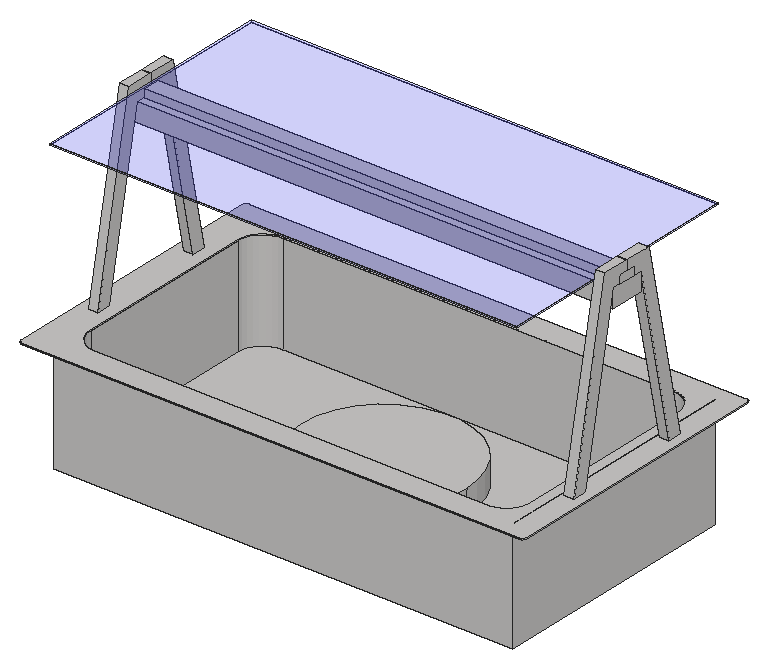
Revit family "QF_ELECTROLUXPROFESSIONAL_CC0HMZ_CC0HMZ", category Specialty Equipment, Revit 2023
Family settings
  Round Connector Dimension = Use Diameter
  Part Type = Normal
  Work Plane-Based = No
  Enable Cutting in Views = No
  Always vertical = Yes
  Cut with Voids When Loaded = No
  Maintain Annotation Orientation = No
  Shared = No
  Room Calculation Point = No
Parameters (values of type "Standard")
  Weight = 46.80 kg
  Watts = 0 W
  Volts = 220 V
  URL Manufacturer = "http://www.electroluxprofessional.com"
  URL = "http://www.electroluxprofessional.com"
  Steam Supply Size = 0 mm
  Steam Supply Minimum Pressure = 0.0 Pa
  Steam Supply Maximum Pressure = 0.0 Pa
  Steam Consumption per Hour = 0
  Refrigeration Suction Line Size = 0 mm
  Refrigeration Liquid Line Size = 0 mm
  Refrigerant Compressor Remote = yes
  Default Elevation = 0 mm
  Manufacturer = "Electrolux Professional"
  Phase = 1
  Model = "CC0HMZ"
  Length Actual = 1100 mm
  Item Number = "CC0HMZ"
  Hot Water Size = 0 mm
  Height Actual = 680 mm
  HP = "1.4 HP"
  Gas Size = 0 mm
  Gas KW = 0
  Gas Input Pressure = 0 W
  Direct Waste Size = 25.4 mm
  Description = "DROP-IN BAIN-MARIE, AIR VENTILATED, SINGLE WELL, 3GN WITH A TYPE OVERSHELF AND HALOGEN LAMP"
  Depth Actual = 620 mm
  Cycle = 50 Hz
  Condensate Return Size = 0 mm
  Compressed Air Volume = 0.0 L/s
  Compressed Air Size = 0 mm
  Compressed Air Pressure = 0.0 Pa
  Cold Water Size = 0 mm
  Accessory = no
Reference planes
  plane 1 "BACK": y = 0
  plane 2: z = 5.426
  plane 3 "LEFT": x = 0
  plane 4: y = -620
  plane 5: z = 409.426
  plane 6: y = -310
  plane 7: x = 550
Forms (mm)
  Extrusion 1, solid, material "QF_Finishes_Stainless Steel"
    sketch origin (-320, 0, 5.426) x (1, 0, 0) y (0, 1, 0)
      loop
        arc (330, 0) -> (322.929, -2.929) -> (320, -10) r 10
        line (320, -10) -> (320, -610)
        arc (320, -610) -> (322.929, -617.071) -> (330, -620) r 10
        line (330, -620) -> (1410, -620)
        arc (1410, -620) -> (1417.071, -617.071) -> (1420, -610) r 10
        line (1420, -610) -> (1420, -10)
        arc (1420, -10) -> (1417.071, -2.929) -> (1410, 0) r 10
        line (1410, 0) -> (330, 0)
    from 0 to 1
  Extrusion 2, solid, material "QF_Finishes_Stainless Steel"
    sketch origin (0, 0, 12.548) x (1, 0, 0) y (0, 1, 0)
      loop
        line (50, -35) -> (50, -585) -> (1050, -585) -> (1050, -35) -> (50, -35)
    from -251.122 to -7.122
  Extrusion 3, void
    sketch origin (0, 0, -2.817) x (1, 0, 0) y (0, 1, 0)
      loop
        arc (125, -55) -> (86.109, -71.109) -> (70, -110) r 55
        line (70, -110) -> (70, -510)
        arc (70, -510) -> (86.109, -548.891) -> (125, -565) r 55
        line (125, -565) -> (975.082, -565)
        arc (975.082, -565) -> (1013.973, -548.891) -> (1030.082, -510) r 55
        line (1030.082, -510) -> (1030.082, -110)
        arc (1030.082, -110) -> (1013.973, -71.109) -> (975.082, -55) r 55
        line (975.082, -55) -> (125, -55)
    from -209.107 to 9.244
  Extrusion 4, solid, material "QF_Finishes_Stainless Steel"
    sketch origin (21.5, -620, 0) x (0, -1, 0) y (0, 0, -1)
      loop
        line (-310, -409.426) -> (-250.873, -409.426) -> (-165, -5.426) -> (-195, -5.426) -> (-272.583, -370.426) -> (-310, -370.426) -> (-310, -409.426)
    from 0 to 20
  Extrusion 5, solid, material "QF_Finishes_Stainless Steel"
    sketch origin (21.5, 0, 0) x (0, 1, 0) y (0, 0, 1)
      loop
        line (-310, 409.426) -> (-310, 370.426) -> (-272.583, 370.426) -> (-195, 5.426) -> (-165, 5.426) -> (-250.873, 409.426) -> (-310, 409.426)
    from 0 to 20
  Extrusion 6, solid, material "QF_Finishes_Stainless Steel"
    sketch origin (1077.726, -620, 0) x (0, -1, 0) y (0, 0, 1)
      loop
        line (-310, 409.426) -> (-310, 370.426) -> (-272.583, 370.426) -> (-195, 5.426) -> (-165, 5.426) -> (-250.873, 409.426) -> (-310, 409.426)
    from 0 to 20
  Extrusion 7, solid, material "QF_Finishes_Stainless Steel"
    sketch origin (1077.726, 0, 0) x (0, 1, 0) y (0, 0, -1)
      loop
        line (-310, -409.426) -> (-250.873, -409.426) -> (-165, -5.426) -> (-195, -5.426) -> (-272.583, -370.426) -> (-310, -370.426) -> (-310, -409.426)
    from 0 to 20
  Extrusion 8, solid, material "QF_Finishes_Stainless Steel"
    sketch origin (0, 0, 0) x (0, 1, 0) y (0, 0, 1)
      loop
        line (-291.292, 370.426) -> (-291.292, 387.956) -> (-328.917, 387.956) -> (-328.917, 370.426) -> (-291.292, 370.426)
    from 21.5 to 1077.726
  Extrusion 9, solid, material "Vetro"
    sketch origin (-14.94, 0, 5.426) x (1, 0, 0) y (0, 1, 0)
      loop
        line (56.94, -35) -> (56.94, -585) -> (1072.666, -585) -> (1072.666, -35) -> (56.94, -35)
    from 382.529 to 387.529
  Extrusion 10, solid, material "QF_Finishes_Stainless Steel"
    sketch origin (329.693, -341.308, -643.387) x (0, 0, -1) y (0, 1, 0)
      loop
        circle (-372.814, -140.692) r 12.7
    from 5 to 70.307
  Extrusion 11, solid, material "QF_Finishes_Stainless Steel"
    sketch origin (0, 0, 0) x (0, 1, 0) y (0, 0, 1)
      loop
        line (-272.583, 370.426) -> (-347.583, 370.426) -> (-347.583, 330.426) -> (-272.583, 330.426) -> (-272.583, 370.426)
    from 21.5 to 1077.726
  Extrusion 12, solid, material "QF_Finishes_Stainless Steel"
    sketch origin (34.947, 0, 0) x (0, 1, 0) y (0, 0, 1)
      loop
        line (-280.414, 330.426) -> (-340.414, 330.426) -> (-340.414, 325.426) -> (-280.414, 325.426) -> (-280.414, 330.426)
    from 113.553 to 313.553
  Extrusion 13, solid, material "QF_Finishes_Stainless Steel"
    sketch origin (769.053, 0, 0) x (0, 1, 0) y (0, 0, -1)
      loop
        line (-280.414, -330.426) -> (-280.414, -325.426) -> (-340.414, -325.426) -> (-340.414, -330.426) -> (-280.414, -330.426)
    from 113.553 to 313.553
  Extrusion 14, solid, material "QF_Finishes_Stainless Steel"
    sketch origin (0, 0, 5.426) x (1, 0, 0) y (0, 1, 0)
      loop
        circle (386.025, -481.971) r 12.675
    from -276 to -244
  Extrusion 15, solid, material "QF_Finishes_Stainless Steel"
    sketch origin (1565.693, 0, 22.375) x (-1, 0, 0) y (0, -1, 0)
      loop
        circle (1015.693, 310) r 180
    from -234.299 to -181.299
  Extrusion 16, solid, material "QF_Finishes_Stainless Steel"
    sketch origin (139.8, 0, 0.351) x (0, 1, 0) y (0, 0, 1)
      loop
        line (-161.185, -238.924) -> (-461.185, -238.924) -> (-461.185, -268.924) -> (-161.185, -268.924) -> (-161.185, -238.924)
    from 247.74 to 572.66
  Extrusion 17, solid, material "QF_Finishes_Stainless Steel"
    sketch origin (1076.053, 0, 0) x (0, 1, 0) y (0, 0, -1)
      loop
        line (-280.414, -330.426) -> (-280.414, -325.426) -> (-340.414, -325.426) -> (-340.414, -330.426) -> (-280.414, -330.426)
    from 113.553 to 313.553
Cuts and joins
  Extrusion 3 cuts Extrusion 1
  Extrusion 3 cuts Extrusion 2
Dimensions and locks
  equal spacing: Extrusion 1, Extrusion 2 sketch curve, Extrusion 2 sketch curve, Extrusion 1  (x2)
  Extrusion 1 to Extrusion 1 = 1100 mm
  Extrusion 1 to plane 1 "BACK" = 620 mm
  equal spacing: Extrusion 2, Extrusion 3 sketch curve, Extrusion 3 sketch curve, Extrusion 2  (x2)
  plane 5 to plane 2 = 404 mm
  Extrusion 11 sketch curve to cut or joined group of Extrusion 1, Extrusion 3 = 324 mm
  equal spacing: plane 3 "LEFT", plane 7, cut or joined group of Extrusion 1, Extrusion 3
  aligned and locked: level to plane 2
Automatic sketch dimensions
  Extrusion 1 sketch curve to plane 3 "LEFT" = 0 mm
  plane 4 to Extrusion 1 sketch curve = 0 mm
  plane 1 "BACK" to Extrusion 1 sketch curve = 0 mm
  plane 3 "LEFT" to Extrusion 1 sketch curve = 10 mm  (x2)
  Extrusion 1 sketch curve to Extrusion 1 sketch curve = 1080 mm
  Extrusion 1 sketch curve to Extrusion 1 sketch curve = 0 mm
  plane 1 "BACK" to Extrusion 1 sketch curve = 10 mm
  plane 3 "LEFT" to Extrusion 2 sketch curve = 50 mm
  Extrusion 2 sketch curve to plane 4 = 35 mm
  Extrusion 2 sketch curve to Extrusion 2 sketch curve = 1000 mm
  plane 1 "BACK" to Extrusion 2 sketch curve = 35 mm
  plane 3 "LEFT" to Extrusion 3 sketch curve = 70 mm
  Extrusion 3 sketch curve to Extrusion 3 sketch curve = 55 mm  (x3)
  Extrusion 3 sketch curve to plane 4 = 55 mm
  Extrusion 3 sketch curve to Extrusion 3 sketch curve = 850.082 mm
  plane 1 "BACK" to Extrusion 3 sketch curve = 110 mm
  Extrusion 3 sketch curve to Extrusion 3 sketch curve = 0 mm
  Extrusion 4 sketch curve to plane 6 = 0 mm
  plane 5 to Extrusion 4 sketch curve = 0 mm
  Extrusion 4 sketch curve to level = 0 mm
  Extrusion 4 sketch curve to Extrusion 4 sketch curve = 37.417 mm
  Extrusion 4 sketch curve to Extrusion 4 sketch curve = 21.71 mm
  plane 6 to Extrusion 4 sketch curve = 115 mm
  Extrusion 4 sketch curve to Extrusion 4 sketch curve = 30 mm
  Extrusion 4 sketch curve to Extrusion 4 sketch curve = 39 mm
  Extrusion 5 sketch curve to plane 6 = 0 mm
  plane 5 to Extrusion 5 sketch curve = 0 mm
  Extrusion 5 sketch curve to level = 0 mm
  Extrusion 5 sketch curve to Extrusion 5 sketch curve = 37.417 mm
  Extrusion 5 sketch curve to Extrusion 5 sketch curve = 21.71 mm
  plane 6 to Extrusion 5 sketch curve = 115 mm
  Extrusion 5 sketch curve to Extrusion 5 sketch curve = 30 mm
  Extrusion 5 sketch curve to Extrusion 5 sketch curve = 39 mm
  Extrusion 6 sketch curve to plane 6 = 0 mm
  plane 5 to Extrusion 6 sketch curve = 0 mm
  Extrusion 6 sketch curve to level = 0 mm
  Extrusion 6 sketch curve to Extrusion 6 sketch curve = 37.417 mm
  Extrusion 6 sketch curve to Extrusion 6 sketch curve = 21.71 mm
  Extrusion 6 sketch curve to plane 6 = 115 mm
  Extrusion 6 sketch curve to Extrusion 6 sketch curve = 30 mm
  Extrusion 6 sketch curve to Extrusion 6 sketch curve = 39 mm
  Extrusion 7 sketch curve to plane 6 = 0 mm
  plane 5 to Extrusion 7 sketch curve = 0 mm
  Extrusion 7 sketch curve to level = 0 mm
  Extrusion 7 sketch curve to Extrusion 7 sketch curve = 37.417 mm
  Extrusion 7 sketch curve to Extrusion 7 sketch curve = 21.71 mm
  plane 6 to Extrusion 7 sketch curve = 115 mm
  Extrusion 7 sketch curve to Extrusion 7 sketch curve = 30 mm
  Extrusion 7 sketch curve to Extrusion 7 sketch curve = 39 mm
  Extrusion 8 sketch curve to plane 6 = 18.917 mm
  plane 6 to Extrusion 8 sketch curve = 18.708 mm
  plane 5 to Extrusion 8 sketch curve = 39 mm
  Extrusion 8 sketch curve to Extrusion 8 sketch curve = 17.529 mm
  plane 3 "LEFT" to Extrusion 9 sketch curve = 42 mm
  Extrusion 9 sketch curve to plane 4 = 35 mm
  Extrusion 9 sketch curve to Extrusion 9 sketch curve = 1015.726 mm
  plane 1 "BACK" to Extrusion 9 sketch curve = 35 mm
  Extrusion 10 sketch curve to level = 276 mm
  Extrusion 10 sketch curve to plane 4 = 138 mm
  Extrusion 11 sketch curve to plane 6 = 37.583 mm
  plane 6 to Extrusion 11 sketch curve = 37.417 mm
  plane 5 to Extrusion 11 sketch curve = 39 mm
  Extrusion 12 sketch curve to plane 6 = 30.414 mm
  plane 6 to Extrusion 12 sketch curve = 29.586 mm
  plane 5 to Extrusion 12 sketch curve = 84 mm
  Extrusion 12 sketch curve to Extrusion 12 sketch curve = 5 mm
  Extrusion 13 sketch curve to plane 6 = 30.414 mm
  plane 6 to Extrusion 13 sketch curve = 29.586 mm
  plane 5 to Extrusion 13 sketch curve = 79 mm
  Extrusion 13 sketch curve to Extrusion 13 sketch curve = 5 mm
  Extrusion 14 sketch curve to plane 4 = 138.029 mm
  plane 3 "LEFT" to Extrusion 14 sketch curve = 386.025 mm
  Extrusion 15 sketch curve to plane 6 = 0 mm
  plane 3 "LEFT" to Extrusion 15 sketch curve = 550 mm
  Extrusion 16 sketch curve to plane 6 = 151.185 mm
  plane 6 to Extrusion 16 sketch curve = 148.815 mm
  Extrusion 16 sketch curve to level = 274 mm
  Extrusion 16 sketch curve to Extrusion 16 sketch curve = 30 mm
  Extrusion 17 sketch curve to plane 6 = 30.414 mm
  plane 6 to Extrusion 17 sketch curve = 29.586 mm
  plane 5 to Extrusion 17 sketch curve = 79 mm
  Extrusion 17 sketch curve to Extrusion 17 sketch curve = 5 mm
  radius of Extrusion 10 sketch curve = 12.7 mm
  radius of Extrusion 14 sketch curve = 12.675 mm
  radius of Extrusion 15 sketch curve = 180 mm
Connectors
  piping at (334.693, -482, -270.574), diameter 25.4
    settings: on Extrusion 10, index 5, connector inside diameter 609.6 mm, connector length 0 mm, flow factor 0, pipe flow 0.0 L/s, pressure drop 0.0 Pa, fitting loss kfactor 0, connector angle 0.00°, fixture units 0, engagement length 0 mm, angle of deflection 0.00°, flow configuration 0, flow direction 0, fitting loss method 0, system type 29, joint type 0, gender type 0, connector reference index -1, connector utility 0, adjustable connector no, is connector primary yes, connector description "D"
